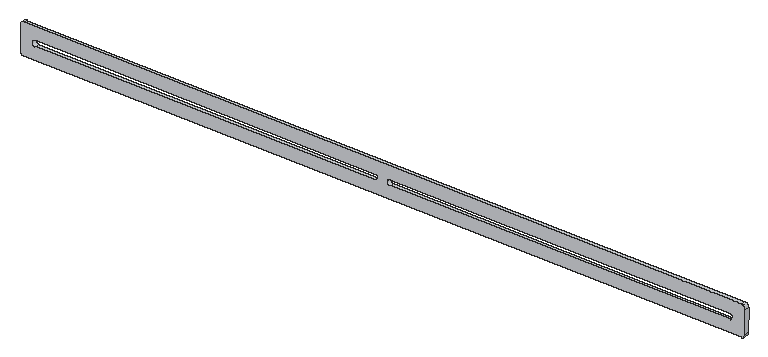
Revit family "RRFR04SLTO", category Generic Models, Revit 2018
Family settings
  Can host rebar = No
  Round Connector Dimension = Use Diameter
  Part Type = Normal
  Work Plane-Based = Yes
  Always vertical = No
  Cut with Voids When Loaded = No
  Shared = Yes
  Room Calculation Point = No
Parameters (values of type "RRFR0448SLTO")
  Ship Complete Level [instance] = ""
  Right Slot Offset = 24.500"
  Right Slot Length = 22.500"
  Required Date [instance] = ""
  Post Offset [instance] = 0.000"
  Patent Information = "D649,863"
  Left Slot Length 2 = 22.500"
  Left Slot Length = 22.500"
  Rack Material [instance] = none
  Rack Length = 48.000"
  Job [instance] = ""
  Group/Run [instance] = ""
  Description = "Flat Rack 304 48 Inch long Slot Only"
  Custom [instance] = ""
  Ctrl Right Offset [instance] = if([1 Slot], 4.000", Right Slot Offset)  # 24.500"
  Default Elevation = 48.000"
  Ctrl Right Slot Length [instance] = if([1 Slot], 1.000", Right Slot Length)  # 22.500"
  Ctrl Left Slot Length [instance] = if([1 Slot], 1.000", Left Slot Length 2)  # 22.500"
  Catalog Number = "RRFR0448SLTO"
  Assembly Name [instance] = ""
  Assembly ID [instance] = ""
  2 Slots = yes
  1 Slot = no
Types (6): name | Right Slot Offset | Right Slot Length | Left Slot Length 2 | Left Slot Length | Rack Length | Description | Ctrl Right Offset | Ctrl Right Slot Length | Ctrl Left Slot Length | Catalog Number | 2 Slots | 1 Slot
  RRFR0436SLTO | 18.500" | 16.500" | 16.500" | 16.500" | 36.000" | "Flat Rack 304 36 Inch long Slot Only" | 18.500" | 16.500" | 16.500" | "RRFR0436SLTO" | yes | no
  RRFR0412SLTO | 4.000" | 1.000" | 1.000" | 10.000" | 12.000" | "Flat Rack 304 12 Inch long Slot Only" | 4.000" | 1.000" | 1.000" | "RRFR0412SLTO" | no | yes
  RRFR0418SLTO | 4.000" | 1.000" | 1.000" | 16.000" | 18.000" | "Flat Rack 304 18 Inch long Slot Only" | 4.000" | 1.000" | 1.000" | "RRFR0418SLTO" | no | yes
  RRFR0424SLTO | 4.000" | 1.000" | 1.000" | 22.000" | 24.000" | "Flat Rack 304 24 Inch long Slot Only" | 4.000" | 1.000" | 1.000" | "RRFR0424SLTO" | no | yes
  RRFR0430SLTO | 4.000" | 1.000" | 1.000" | 28.000" | 30.000" | "Flat Rack 304 30 Inch long Slot Only" | 4.000" | 1.000" | 1.000" | "RRFR0430SLTO" | no | yes
  RRFR0448SLTO | 24.500" | 22.500" | 22.500" | 22.500" | 48.000" | "Flat Rack 304 48 Inch long Slot Only" | 24.500" | 22.500" | 22.500" | "RRFR0448SLTO" | yes | no
Reference planes (in)
  plane 1 "Center (Front/Back)": y = 0
  plane 2: z = 0
  plane 3 "Center (Left/Right)": x = 0
  plane 4: y = 0
  plane 5 "Right": x = 24
  plane 6 "Left": x = -24
  plane 7 "Top": z = 1
  plane 8 "Front Face": through (0, 5.00048, 6.41469) normal (0, -0.7071, 0.7071)
  plane 9 "Back Face": through (0, -5.08472, 6.49894) normal (0, -0.7071, -0.7071)
  plane 10 "Slot 1 Left": x = -23
  plane 11 "Slot 1 Right": x = -0.5
  plane 12 "Slot 2 Left": x = 0.5
  plane 13 "Slot 2 Right": x = 23
  plane 14 "Slot 1 Right2": x = -0.5
  plane 15 "Rack CL V": z = 0
  plane 16 "Bottom": z = -1
Forms (in)
  Extrusion 1, solid, visible <- "2 Slots"
    sketch origin (0, 0, -1) x (1, 0, 0) y (0, 0, 1)
      loop
        arc (-23.75, 2) -> (-23.92678, 1.92678) -> (-24, 1.75) r 0.25
        line (-24, 1.75) -> (-24, 0.25)
        arc (-24, 0.25) -> (-23.92678, 0.07322) -> (-23.75, 0) r 0.25
        line (-23.75, 0) -> (23.75, 0)
        arc (23.75, 0) -> (23.92678, 0.07322) -> (24, 0.25) r 0.25
        line (24, 0.25) -> (24, 1.75)
        arc (24, 1.75) -> (23.92678, 1.92678) -> (23.75, 2) r 0.25
        line (23.75, 2) -> (-23.75, 2)
      loop
        arc (-23, 1.193) -> (-23.193, 1) -> (-23, 0.807) r 0.193
        line (-23, 0.807) -> (-0.5, 0.807)
        arc (-0.5, 0.807) -> (-0.307, 1) -> (-0.5, 1.193) r 0.193
        line (-0.5, 1.193) -> (-23, 1.193)
      loop
        arc (0.5, 1.193) -> (0.307, 1) -> (0.5, 0.807) r 0.193
        line (0.5, 0.807) -> (23, 0.807)
        arc (23, 0.807) -> (23.193, 1) -> (23, 1.193) r 0.193
        line (23, 1.193) -> (0.5, 1.193)
    from 1.19 to 1.44
  Extrusion 2, solid, visible <- "1 Slot"
    sketch origin (0, 0, -1) x (1, 0, 0) y (0, 0, 1)
      loop
        arc (-23.75, 2) -> (-23.92678, 1.92678) -> (-24, 1.75) r 0.25
        line (-24, 1.75) -> (-24, 0.25)
        arc (-24, 0.25) -> (-23.92678, 0.07322) -> (-23.75, 0) r 0.25
        line (-23.75, 0) -> (23.75, 0)
        arc (23.75, 0) -> (23.92678, 0.07322) -> (24, 0.25) r 0.25
        line (24, 0.25) -> (24, 1.75)
        arc (24, 1.75) -> (23.92678, 1.92678) -> (23.75, 2) r 0.25
        line (23.75, 2) -> (-23.75, 2)
      loop
        arc (-23, 1.193) -> (-23.193, 1) -> (-23, 0.807) r 0.193
        line (-23, 0.807) -> (-0.5, 0.807)
        arc (-0.5, 0.807) -> (-0.307, 1) -> (-0.5, 1.193) r 0.193
        line (-0.5, 1.193) -> (-23, 1.193)
    from 1.19 to 1.44
Dimensions and locks (in)
  "Rack Length": plane 6 "Left" to plane 5 "Right"
  equal spacing: plane 6 "Left", plane 3 "Center (Left/Right)", plane 5 "Right"
  locked: Extrusion 1 sketch curve to Extrusion 1 sketch curve at 0.386  (x2)
  equal spacing: Extrusion 1 sketch curve, plane 15 "Rack CL V", Extrusion 1 sketch curve  (x2)
  locked: plane 10 "Slot 1 Left" to plane 6 "Left" at 1
  "Ctrl Right Slot Length": plane 13 "Slot 2 Right" to plane 12 "Slot 2 Left"
  "Left Slot Length": plane 11 "Slot 1 Right" to plane 10 "Slot 1 Left"
  locked: Extrusion 2 sketch curve to Extrusion 2 sketch curve at 0.386
  equal spacing: Extrusion 2 sketch curve, plane 15 "Rack CL V", Extrusion 2 sketch curve
  locked: plane 7 "Top" to plane 16 "Bottom" at 2
  "Ctrl Left Slot Length": plane 14 "Slot 1 Right2" to plane 10 "Slot 1 Left"
  "Ctrl Right Offset": plane 12 "Slot 2 Left" to plane 6 "Left"
  aligned and locked: level to plane 2
  aligned and locked: plane 6 "Left" to Extrusion 1 sketch curve
  aligned and locked: Extrusion 1 sketch curve to plane 5 "Right"
  aligned and locked: plane 14 "Slot 1 Right2" to Extrusion 1 sketch curve
  aligned and locked: plane 15 "Rack CL V" to Extrusion 1 sketch curve  (x4)
  aligned and locked: plane 10 "Slot 1 Left" to Extrusion 1 sketch curve
  aligned and locked: plane 13 "Slot 2 Right" to Extrusion 1 sketch curve
  aligned and locked: plane 12 "Slot 2 Left" to Extrusion 1 sketch curve
  aligned and locked: plane 6 "Left" to Extrusion 2 sketch curve
  aligned and locked: Extrusion 2 sketch curve to plane 5 "Right"
  aligned and locked: plane 11 "Slot 1 Right" to Extrusion 2 sketch curve
  aligned and locked: plane 15 "Rack CL V" to Extrusion 2 sketch curve  (x2)
  aligned and locked: plane 10 "Slot 1 Left" to Extrusion 2 sketch curve
Automatic sketch dimensions
  plane 6 "Left" to Extrusion 1 sketch curve = 0.250"
  Extrusion 1 sketch curve to Extrusion 1 sketch curve = 0.250"
  Extrusion 1 sketch curve to plane 5 "Right" = 0.250"  (x2)
  plane 6 "Left" to Extrusion 2 sketch curve = 0.250"
  Extrusion 2 sketch curve to Extrusion 2 sketch curve = 0.250"
  Extrusion 2 sketch curve to plane 5 "Right" = 0.250"  (x2)
  Extrusion 1 sketch curve to level = 0.750"
  level to Extrusion 1 sketch curve = 0.750"
  Extrusion 2 sketch curve to level = 0.750"
  level to Extrusion 2 sketch curve = 0.750"
